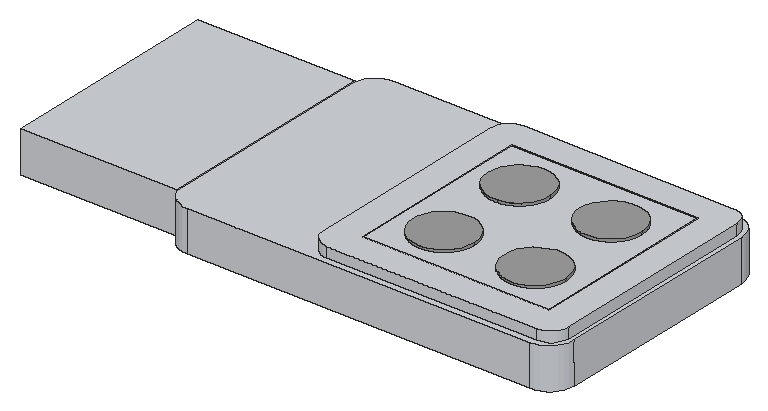
Revit family "Lighting-Industriale-GEWISS-SMART[4]HE_APPARECCHI-LED_EMERGENZA_1M", category Apparecchi per illuminazione, Revit 2019
Family settings
  Quota connettore circolare = Usa diametro
  Tipo di parte = Normale
  Numero OmniClass = 23.80.70.00
  Titolo OmniClass = Lighting
  Basato su piano di lavoro = Sì
  Sempre verticale = No
  Taglio con vuoti quando caricato = No
  Sorgente d'illuminazione = No
  Condiviso = No
  Punto di calcolo locali = No
Parameters (values of type "GWS4124AQ857 - SMART4LB 1M EMERG ELL.57K")
  Voltaggio = 230 V
  Viti esterne = "Acciaio inox"
  Versione file RFA = "20.11"
  Vano di alimentazione = "Integrato"
  URL = "https://www.gewiss.com/it/it"
  Tolleranza cromatica = "SDCM = 3"
  Tipologia sorgente luminosa = "LED - Non sostituibile"
  Tipo di installazione e montaggio = "Plafone - Sospensione"
  Tipo di apparecchio = "Riflettore industriale a LED&nbsp;"
  Tensione di alimentazione = "220 - 240 V"
  Temperatura di stoccaggio = "-40 +70 °C"
  Temperatura di esercizio = "0 ÷ +40 °C"
  Temperatura di colore = "5700K"
  Superficie massima esposta al vento : = "0,140 m²"
  Spostamento_Y_etichetta [instance] = 0 mm
  Spostamento_Y_effettivo_etichetta [instance] = 1500 mm - Spostamento_Y_etichetta  # 1500 mm
  Spostamento_X_etichetta [instance] = 0 mm
  Spostamento_X_effettivo_etichetta [instance] = 1500 mm - Spostamento_X_etichetta  # 1500 mm
  SostituibilitÃ  piastra di cablaggio = "Solo batteria NiMh"
  SostituibilitÃ  gruppo ottico = "Non sostituibile"
  Sistema di controllo = "1 x DALI DT6 + 1 x DALI DT1 (Emerg. 3h)"
  Schermo = "Vetro Temprato Spessore 4mm"
  Scheda Tecnica = "https://www.gewiss.com/it/it/search?q=GWS4124AQ857"
  Resistenza al filo incandescente = "850 °C"
  Resistenza agli urti = "IK08"
  Produttore = "GEWISS S.p.A."
  Vetro acceso = Lampada accesa
  Potenza assorbita : = "48 W (+5W Emerg.)"
  Peso (kg): = "5"
  Ottica = "Ellittica"
  Norma di riferimento = "EN 60598-2-22 ; EN 60598-1 ; EN 60598-2-24"
  Modello = "GWS4124AQ857"
  Materiali = "-"
  Lampada = "LED"
  Installazione e manutenzione = "-"
  Informazioni generali = "-"
  Indice di resa cromatica = "CRI-80"
  Inclinazione = "-"
  Immagine tipo = GWL1093E.jpg
  Trasformatore = none
  IPEA = "-"
  IFC.TypeObject = ""
  IFC.ExportType = ""
  IFC.ExportAs = ""
  IDT = "99cc2ba6225c472dbcbc7a8f8b209142"
  IDF = "76bf5428-5d64-4f01-bcc4-d24df6228e89"
  Guarnizioni = "tipo siliconico antinvecchiamento "
  Gruppo ottico = "Riflettore in PC metallizzato e lenti in PMMA"
  Grado di protezione = "IP65"
  Garanzia = "5 anni"
  Gancio di chiusura = "-"
  Frequenza nominale (Hz) = "50/60 Hz"
  Flusso luminoso apparecchio (lm) = "6300 (750 Emerg.)"
  Fissaggio = "-"
  Finitura colore = "Grigio RAL 7035"
  Efficienza luminosa (lm/W) = "119"
  Durata di vita = "L90B10 (Tq+25°C) = 100.000 h - L90B10 (Tq+50°C) = 50.000 h"
  Dispositivo di protezione = "DM 6 kV / CM 10 kV"
  Descrizione = "SMART[4]LB 1M EMERG ELL.57K"
  Spessore plafoniera = 40 mm  # constant formula
  Simbolo attivo [instance] = yes
  Raggio led = 30 mm  # constant formula
  Plafoniera = none
  Lunghezza = 383 mm  # constant formula
  Larghezza = 253 mm  # constant formula
  Fotometrico = "GWL1093E-CL11813-16I - EME.IES"
  Etichetta wattaggio [instance] = yes
  Distanza tot_plafoniera = 74 mm  # constant formula
  Dettaglio bidimensionale attivo [instance] = not(Simbolo attivo)  # no
  Default Elevation = 1219.2 mm
  Creato da GEWISS S.p.A. = ""
  Corpo = "PA6 “Halogen Free” caricato fibra vetro"
  Controllo abbagliamento e luminanza = "-"
  Contesto = "Illuminazione di logistiche e locali produttivi industriali"
  Colore = "Grigio RAL 7035"
  Codice digitale univoco (Datamatrix) = "Datamatrix"
  Codice Electrocod = "2444"
  Classificazione: = "-"
  Classificazione = Lighting
  Classe isolamento = "I"
  Classe fotobiologica = "RG0"
  Certificazioni e classificazioni = "-"
  Certificazione DIN 18032-3 = "-"
  Catalogo = "LIGHTING"
  Carico apparente = 53 VA
  Caratteristiche ottiche e illuminotecniche = "-"
  Caratteristiche elettriche e gestione della luce = "-"
  Cablaggio = "Con connettore stagno Gw connect"
  COBie.Tagnumber = ""
  COBie.CreatedOn = ""
  COBie.CreatebBy = ""
  COBie.ComponentRegisterItemID = ""
  COBie.Component.TagNumber = ""
  COBie.Component.Space = ""
  COBie.Component.SerialNumber = ""
  COBie.Component.InstallationDate = ""
  COBie.Component.Description = ""
  COBie.Component.BarCode = ""
  Batteria = none
  Applicazione = "Interno"
  Apparecchio a ridotta temperatura superficiale = "Si"
  Alimentatore = "Incluso"
Reference planes
  plane 1 "Centro (Fronte/Retro)": y = 0
  plane 2: z = 0
  plane 3 "Centro (Sinistra/Destra)": x = 0
  plane 4: x = -191.5
  plane 5: y = 126.5
  plane 6: x = 191.5
  plane 7: y = -126.5
  plane 8: z = -74
  plane 9: x = -175.5
  plane 10: y = -110.5
  plane 11: y = 110.5
  plane 12: x = -60.5
  plane 13: y = 121.5
  plane 14: x = 186.5
  plane 15: y = -120
  plane 16: z = 74
  plane 17: z = 86
  plane 18: x = -1500
  plane 19: y = -1500
  plane 20: x = 0
  plane 21: y = 0
Dimensions and locks
  equal spacing: plane 5, plane 1 "Centro (Fronte/Retro)", plane 7
  equal spacing: plane 4, plane 3 "Centro (Sinistra/Destra)", plane 6
  "Lunghezza": plane 4 to plane 6
  "Larghezza": plane 5 to plane 7
  locked: plane 14 to plane 6 at 5
  locked: plane 5 to plane 13 at 5
  nested 3 to plane 8 = 133.058 mm
  locked: plane 4 to plane 9 at 16
  "Distanza tot_plafoniera": plane 16 to plane 2
  locked: plane 17 to plane 16 at 12
  plane 18 to plane 3 "Centro (Sinistra/Destra)" = 1500 mm
  plane 1 "Centro (Fronte/Retro)" to plane 19 = 1500 mm
  "Spostamento_Y_effettivo_etichetta": plane 21 to plane 19
  "Spostamento_X_effettivo_etichetta": plane 18 to plane 20
  aligned and locked: level to plane 2
  aligned and locked: plane 4 to nested 1
  aligned and locked: plane 6 to nested 1
  aligned and locked: plane 5 to nested 1
  aligned and locked: plane 7 to nested 1
  aligned and locked: plane 14 to nested 2
  aligned and locked: nested 8 to plane 6
  aligned and locked: plane 4 to nested 9
  aligned and locked: plane 1 "Centro (Fronte/Retro)" to nested 11
  aligned and locked: nested 3 to plane 2
  aligned and locked: plane 16 to nested 1
  aligned and locked: plane 16 to nested 9
  aligned and locked: nested 2 to plane 16
  aligned and locked: plane 17 to nested 6
  aligned and locked: nested 4 to plane 17
  aligned and locked: nested 7 to plane 17
  aligned and locked: plane 17 to nested 5
  aligned and locked: plane 1 "Centro (Fronte/Retro)" to nested 8
  aligned and locked: plane 1 "Centro (Fronte/Retro)" to nested 2
  aligned and locked: plane 20 to nested 10
  aligned and locked: nested 10 to plane 21
Nested families
  nested 1: "Struttura_SMART[4] LB - 2+2 L" at (0, 0, 74), type "SMART Lab (4) 4L"
  nested 2: "mascherina_SMART (4)" at (66.5, 0, 84), type "Maschera_smart (4) 4L", detail levels medium+fine
  nested 3: "Staffa SMART LAB 4" at (65, -20, 59.058) x (0, 1, 0) z (0, 0, -1), type "Staffa SMART LAB 4"
  nested 4: "Gewis - Led" at (20.25, 44.75, 86), type "Gewis - Led", detail levels fine
  nested 5: "Gewis - Led" at (109.75, 44.75, 86) x (-1, 0, 0) z (0, 0, 1), type "Gewis - Led", detail levels fine
  nested 6: "Gewis - Led" at (20.25, -47.75, 86), type "Gewis - Led", detail levels fine
  nested 7: "Gewis - Led" at (109.75, -47.75, 86) x (-1, 0, 0) z (0, 0, 1), type "Gewis - Led", detail levels fine
  nested 8: "Rappr_ bidimensionale_SMART4_4L EM_2" at (9.751, 0, 0), visible <- "Dettaglio bidimensionale attivo", type "4 LED"
  nested 9: "Batteria_SMART4 LB" at (-191.5, -94.011, 34), type "Batteria_SMART4 LB"
    with SPessore batteria 40 mm, La_Batteria 217.019 mm, L_batteria 152.912 mm
  nested 10: "ETICHETTA LIGHT" at (0, 0, 0), visible <- "Etichetta wattaggio", type "ETICHETTA LIGHT"
  nested 11: "PROIETTSMART " at (-27.098, 0, 0), visible <- "Simbolo attivo", type "PROIETTSMART "
Connectors
  electrical at (0.009, -0.098, 34), driven by "Voltaggio", driven by "Carico apparente", driven by "Classificazione"
    settings: on nested 1, index 1, voltage 230 V, apparent load 0 VA, apparent load phase1 53 VA, apparent load phase2 0 VA, apparent load phase3 0 VA, power factor 1, load classification "Lighting", number of poles 1, system type 31, power factor state 1, is connector primary yes, connector utility no, sub classification motor no, connector description ""
Definition of nested family "Struttura_SMART[4] LB - 2+2 L"
  Parameters (values of type "SMART Lab (4) 4L")
    Struttura plafoniera = none
    Spessore_plafoniera = 40 mm
    Lunghezza = 383 mm
    Larghezza = 253 mm
  Reference planes
    plane 1 "Asse sorgente illuminazione (F/B)": y = 0
    plane 2: z = 0
    plane 3 "Asse sorgente illuminazione (L/R)": x = 0
    plane 4 "Prospetto sorgente di illuminazione": z = -40
    plane 5 "SX": x = -191.5
    plane 6 "DX": x = 191.5
    plane 7 "DIETRO": y = 126.5
    plane 8 "AVANTI": y = -126.5
    plane 9: x = -51.5
    plane 10: x = 180.5
    plane 11: y = -115.5
    plane 12: y = 115.5
    plane 13: x = -180.5
    plane 14: x = 51.5
  Forms (mm)
    Extrusion 1, solid, material <- "Struttura plafoniera"
      sketch origin (0, 0, 0) x (1, 0, 0) y (0, 1, 0)
        loop
          line (191.5, -102.095) -> (191.5, 102.09)
          arc (191.5, 102.09) -> (184.35, 119.35) -> (167.09, 126.5) r 24.41
          line (167.09, 126.5) -> (-167.009, 126.5)
          arc (-167.009, 126.5) -> (-184.554, 119.1) -> (-191.5, 101.371) r 24.499
          line (-191.5, 101.371) -> (-191.5, -102.092)
          arc (-191.5, -102.092) -> (-184.351, -119.351) -> (-167.092, -126.5) r 24.408
          line (-167.092, -126.5) -> (167.117, -126.5)
          arc (167.117, -126.5) -> (184.334, -119.368) -> (191.465, -102.152) r 24.348
      from -40 to 0
  Dimensions and locks
    equal spacing: plane 5 "SX", plane 3 "Asse sorgente illuminazione (L/R)", plane 6 "DX"
    equal spacing: plane 7 "DIETRO", plane 1 "Asse sorgente illuminazione (F/B)", plane 8 "AVANTI"
    "Lunghezza": plane 5 "SX" to plane 6 "DX"
    "Larghezza": plane 7 "DIETRO" to plane 8 "AVANTI"
    locked: plane 7 "DIETRO" to plane 12 at 11
    locked: plane 11 to plane 8 "AVANTI" at 11
    locked: plane 10 to plane 6 "DX" at 11
    locked: plane 9 to plane 10 at 232
    plane 13 to plane 14 = 232 mm
    locked: plane 5 "SX" to plane 13 at 11
    "Spessore_plafoniera": plane 2 to plane 4 "Prospetto sorgente di illuminazione"
    aligned and locked: level to plane 2
    aligned and locked: Extrusion 1 to plane 5 "SX"
    aligned and locked: Extrusion 1 to plane 8 "AVANTI"  (x2)
    aligned and locked: plane 7 "DIETRO" to Extrusion 1
    aligned and locked: plane 6 "DX" to Extrusion 1
    aligned and locked: plane 4 "Prospetto sorgente di illuminazione" to Extrusion 1
    aligned and locked: plane 2 to Extrusion 1
  Automatic sketch dimensions
    Extrusion 1 sketch curve to plane 5 "SX" = 0 mm
    Extrusion 1 sketch curve to plane 8 "AVANTI" = 0 mm
    Extrusion 1 sketch curve to plane 7 "DIETRO" = 0 mm
    Extrusion 1 sketch curve to plane 6 "DX" = 0 mm
    plane 13 to Extrusion 1 sketch curve = 13.408 mm
    plane 13 to Extrusion 1 sketch curve = 13.491 mm
    Extrusion 1 sketch curve to plane 10 = 13.41 mm
    Extrusion 1 sketch curve to plane 10 = 13.383 mm
    plane 11 to Extrusion 1 sketch curve = 13.348 mm
    Extrusion 1 sketch curve to plane 12 = 14.129 mm
    Extrusion 1 sketch curve to Extrusion 1 sketch curve = 0.056 mm
Definition of nested family "mascherina_SMART (4)"
  Parameters (values of type "Maschera_smart (4) 4L")
    Spessore_mascherina = 10 mm
    Default Elevation = 1219.2 mm
    N.intarsi = (Lunghezza_mascherina - (Bordo * 2)) / 15 mm  # 12
    N._intarsi verticale = (Larghezza_mascherina - (Bordo * 2)) / 17 mm  # 11
    Mascherina = none
    Lunghezza_mascherina = 240 mm
    Larghezza_mascherina = 240 mm
    Distanza_intarsi v. = 41 mm  # constant formula
    Distanza_intarsi = 37 mm  # constant formula
    Bordo = 29 mm
  Reference planes
    plane 1 "Centro (Fronte/Retro)": y = 0
    plane 2: z = 0
    plane 3 "Centro (Sinistra/Destra)": x = 0
    plane 4: x = -120
    plane 5 "Dietro": y = 120
    plane 6: x = 120
    plane 7: y = -120
    plane 8: x = -91
    plane 9: y = -91
    plane 10: x = 91
    plane 11: y = 91
    plane 12: x = -83
    plane 13: y = 94.742
    plane 14: y = -95
    plane 15: z = -10
    plane 16: x = -95
    plane 17: y = 79
    plane 18: y = -79
    plane 19: x = 95
    plane 20: z = -4.799
  Forms (mm)
    Extrusion 1, solid, material <- "Mascherina"
      sketch origin (0, 0, 0) x (1, 0, 0) y (0, 1, 0)
        loop
          arc (-102.5, 120) -> (-114.874, 114.874) -> (-120, 102.5) r 17.5
          line (-120, 102.5) -> (-120, -102.5)
          arc (-120, -102.5) -> (-114.874, -114.874) -> (-102.5, -120) r 17.5
          line (-102.5, -120) -> (102.5, -120)
          arc (102.5, -120) -> (114.874, -114.874) -> (120, -102.5) r 17.5
          line (120, -102.5) -> (120, 102.5)
          arc (120, 102.5) -> (114.874, 114.874) -> (102.5, 120) r 17.5
          line (102.5, 120) -> (-102.5, 120)
        loop
          line (-91, 91) -> (-91, -91) -> (91, -91) -> (91, 91) -> (-91, 91)
      from -10 to 0
    Extrusion 2, solid, material <- "Mascherina"
      sketch origin (0, 0, 0) x (1, 0, 0) y (0, 1, 0)
        loop
          line (-91, 91) -> (-91, -91) -> (91, -91) -> (91, 91) -> (-91, 91)
      from -4.799 to 0
  Dimensions and locks
    equal spacing: plane 4, plane 3 "Centro (Sinistra/Destra)", plane 6
    "Lunghezza_mascherina": plane 4 to plane 6
    equal spacing: plane 5 "Dietro", plane 1 "Centro (Fronte/Retro)", plane 7
    "Larghezza_mascherina": plane 5 "Dietro" to plane 7
    "Bordo": plane 4 to plane 8
    "Bordo": plane 9 to plane 7
    "Bordo": plane 5 "Dietro" to plane 11
    "Bordo": plane 10 to plane 6
    "Distanza_intarsi": plane 4 to plane 12
    locked: plane 13 to plane 11 at 3.742
    "Spessore_mascherina": plane 2 to plane 15
    "Distanza_intarsi v.": plane 5 "Dietro" to plane 17
    "Distanza_intarsi v.": plane 18 to plane 7
    locked: plane 9 to plane 14 at 4
    locked: plane 16 to plane 8 at 4
    locked: plane 10 to plane 19 at 4
    locked: plane 2 to plane 20 at 4.799
    radius of Extrusion 1 sketch curve = 17.5 mm  (x4)
    aligned and locked: level to plane 2
    aligned and locked: plane 4 to Extrusion 1 sketch curve
    aligned and locked: plane 6 to Extrusion 1 sketch curve
    aligned and locked: Extrusion 1 sketch curve to plane 5 "Dietro"
    aligned and locked: Extrusion 1 sketch curve to plane 7
    aligned and locked: Extrusion 1 sketch curve to plane 11
    aligned and locked: plane 8 to Extrusion 1 sketch curve
    aligned and locked: plane 9 to Extrusion 1 sketch curve
    aligned and locked: Extrusion 1 sketch curve to plane 10
    aligned and locked: plane 2 to Extrusion 1
    aligned and locked: Extrusion 1 to plane 15
    aligned and locked: Extrusion 2 sketch curve to plane 10
    aligned and locked: plane 9 to Extrusion 2 sketch curve
    aligned and locked: plane 8 to Extrusion 2 sketch curve
    aligned and locked: Extrusion 2 sketch curve to plane 11
    aligned and locked: plane 2 to Extrusion 2
    aligned and locked: Extrusion 2 to plane 20
Definition of nested family "Staffa SMART LAB 4"
  Parameters (values of type "Staffa SMART LAB 4")
    Staffa = none
    Default Elevation = 1219.2 mm
  Reference planes
    plane 1 "Centro (Fronte/Retro)": y = 0
    plane 2: z = 0
    plane 3 "Centro (Sinistra/Destra)": x = 0
    plane 4: y = 25
    plane 5: y = -25
    plane 6: x = -480
    plane 7: x = 480
    plane 8: z = 340
  Forms (mm)
    Extrusion 1, solid, material <- "Staffa"
      sketch origin (-19.427, 0, 0) x (1, 0, 0) y (0, 0, 1)
        loop
          line (-52.112, 0) -> (-51.312, 0) -> (-51.312, 5.038) -> (-51.312, 7.679) -> (-48.064, 11.553) -> (-48.309, 20.832)
          arc (-48.309, 20.832) -> (-48.108, 21.384) -> (-47.585, 21.651) r 0.801
          line (-47.585, 21.651) -> (-46.541, 21.744)
          arc (-46.541, 21.744) -> (-45.388, 22.346) -> (-44.998, 23.587) r 1.701
          line (-44.998, 23.587) -> (-45.225, 26.168) -> (-47.881, 28.39) -> (-47.881, 32.971) -> (-23.475, 58.058) -> (62.329, 58.058) -> (86.735, 32.971) -> (86.735, 28.39) -> (84.08, 26.168) -> (83.852, 23.587)
          arc (83.852, 23.587) -> (84.243, 22.346) -> (85.396, 21.744) r 1.701
          line (85.396, 21.744) -> (86.439, 21.651)
          arc (86.439, 21.651) -> (86.963, 21.384) -> (87.163, 20.832) r 0.801
          line (87.163, 20.832) -> (86.919, 11.553) -> (90.167, 7.679) -> (90.167, 5.038) -> (90.167, 0) -> (90.967, 0) -> (90.967, 5.038) -> (90.967, 7.979) -> (87.921, 11.618) -> (88.163, 20.806)
          arc (88.163, 20.806) -> (87.71, 22.048) -> (86.531, 22.647) r 1.801
          line (86.531, 22.647) -> (85.484, 22.74)
          arc (85.484, 22.74) -> (85.009, 22.988) -> (84.849, 23.499) r 0.701
          line (84.849, 23.499) -> (85.039, 25.667) -> (87.735, 27.923) -> (87.735, 32.876) -> (86.947, 34.187) -> (62.751, 59.058) -> (-23.897, 59.058) -> (-48.093, 34.187) -> (-48.881, 32.876) -> (-48.881, 27.923) -> (-46.185, 25.667) -> (-45.994, 23.499)
          arc (-45.994, 23.499) -> (-46.155, 22.988) -> (-46.63, 22.74) r 0.701
          line (-46.63, 22.74) -> (-47.676, 22.647)
          arc (-47.676, 22.647) -> (-48.856, 22.048) -> (-49.308, 20.806) r 1.801
          line (-49.308, 20.806) -> (-49.066, 11.618) -> (-52.112, 7.979) -> (-52.112, 5.038) -> (-52.112, 0)
      from -25 to 25
  Dimensions and locks
    equal spacing: plane 6, plane 3 "Centro (Sinistra/Destra)", plane 7
    equal spacing: plane 4, plane 1 "Centro (Fronte/Retro)", plane 5
    plane 4 to plane 5 = 50 mm
    plane 6 to plane 7 = 960 mm
    aligned and locked: level to plane 2
    aligned and locked: plane 4 to Extrusion 1
    aligned and locked: Extrusion 1 to plane 5
  Automatic sketch dimensions
    Extrusion 1 sketch curve to Extrusion 1 sketch curve = 0 mm  (x10)
    Extrusion 1 sketch curve to level = 0 mm  (x2)
    level to Extrusion 1 sketch curve = 5.038 mm
    Extrusion 1 sketch curve to plane 3 "Centro (Sinistra/Destra)" = 71.54 mm
    Extrusion 1 sketch curve to Extrusion 1 sketch curve = 0.8 mm  (x2)
    level to Extrusion 1 sketch curve = 20.806 mm  (x2)
    Extrusion 1 sketch curve to Extrusion 1 sketch curve = 2.804 mm
    level to Extrusion 1 sketch curve = 11.618 mm  (x2)
    Extrusion 1 sketch curve to Extrusion 1 sketch curve = 2.246 mm  (x2)
    Extrusion 1 sketch curve to Extrusion 1 sketch curve = 0.428 mm
    level to Extrusion 1 sketch curve = 20.832 mm  (x2)
    Extrusion 1 sketch curve to Extrusion 1 sketch curve = 1 mm  (x4)
    Extrusion 1 sketch curve to Extrusion 1 sketch curve = 0.788 mm
    level to Extrusion 1 sketch curve = 11.553 mm  (x2)
    Extrusion 1 sketch curve to Extrusion 1 sketch curve = 1.002 mm  (x2)
    level to Extrusion 1 sketch curve = 22.647 mm  (x2)
    Extrusion 1 sketch curve to Extrusion 1 sketch curve = 0.632 mm
    level to Extrusion 1 sketch curve = 21.651 mm  (x2)
    Extrusion 1 sketch curve to Extrusion 1 sketch curve = 0.092 mm  (x2)
    Extrusion 1 sketch curve to Extrusion 1 sketch curve = 0.984 mm
    level to Extrusion 1 sketch curve = 22.74 mm  (x2)
    Extrusion 1 sketch curve to Extrusion 1 sketch curve = 0.062 mm
    level to Extrusion 1 sketch curve = 21.744 mm  (x2)
    Extrusion 1 sketch curve to Extrusion 1 sketch curve = 0.088 mm
    Extrusion 1 sketch curve to Extrusion 1 sketch curve = 0.507 mm
    level to Extrusion 1 sketch curve = 23.499 mm  (x2)
    Extrusion 1 sketch curve to Extrusion 1 sketch curve = 0.698 mm  (x2)
    Extrusion 1 sketch curve to Extrusion 1 sketch curve = 0.96 mm  (x2)
    level to Extrusion 1 sketch curve = 23.587 mm  (x2)
    Extrusion 1 sketch curve to plane 3 "Centro (Sinistra/Destra)" = 43.324 mm
    Extrusion 1 sketch curve to Extrusion 1 sketch curve = 0.422 mm  (x2)
    plane 3 "Centro (Sinistra/Destra)" to Extrusion 1 sketch curve = 42.902 mm
    Extrusion 1 sketch curve to Extrusion 1 sketch curve = 21.523 mm
    level to Extrusion 1 sketch curve = 26.168 mm
    Extrusion 1 sketch curve to Extrusion 1 sketch curve = 0.227 mm
    Extrusion 1 sketch curve to Extrusion 1 sketch curve = 0.996 mm
    level to Extrusion 1 sketch curve = 25.667 mm
    Extrusion 1 sketch curve to Extrusion 1 sketch curve = 0.548 mm
    Extrusion 1 sketch curve to Extrusion 1 sketch curve = 0.966 mm
    Extrusion 1 sketch curve to Extrusion 1 sketch curve = 0.077 mm
    level to Extrusion 1 sketch curve = 28.39 mm
    Extrusion 1 sketch curve to Extrusion 1 sketch curve = 1.696 mm
    Extrusion 1 sketch curve to Extrusion 1 sketch curve = 0.557 mm
    level to Extrusion 1 sketch curve = 34.187 mm
    Extrusion 1 sketch curve to Extrusion 1 sketch curve = 0.212 mm
    Extrusion 1 sketch curve to Extrusion 1 sketch curve = 0.801 mm
    level to Extrusion 1 sketch curve = 7.679 mm
    Extrusion 1 sketch curve to Extrusion 1 sketch curve = 2.641 mm  (x2)
    Extrusion 1 sketch curve to Extrusion 1 sketch curve = 0.3 mm  (x2)
    Extrusion 1 sketch curve to Extrusion 1 sketch curve = 2.168 mm
    Extrusion 1 sketch curve to Extrusion 1 sketch curve = 0.501 mm
    Extrusion 1 sketch curve to Extrusion 1 sketch curve = 0.467 mm  (x2)
    Extrusion 1 sketch curve to Extrusion 1 sketch curve = 2.256 mm
    Extrusion 1 sketch curve to Extrusion 1 sketch curve = 4.486 mm
    Extrusion 1 sketch curve to Extrusion 1 sketch curve = 1.311 mm
    Extrusion 1 sketch curve to Extrusion 1 sketch curve = 0.095 mm  (x2)
    Extrusion 1 sketch curve to Extrusion 1 sketch curve = 1.216 mm
    Extrusion 1 sketch curve to Extrusion 1 sketch curve = 23.87 mm
Definition of nested family "Gewis - Led"
  Parameters (values of type "Gewis - Led")
    Vetro = none
    Raggio led = 30 mm
    Default Elevation = 1219.2 mm
    Estensione vetro = 3 mm
  Reference planes
    plane 1 "Centro (Fronte/Retro)": y = 0
    plane 2: z = 0
    plane 3 "Centro (Sinistra/Destra)": x = 0
  Forms (mm)
    Extrusion 1, solid, material <- "Vetro"
      sketch origin (0, 0, 0) x (1, 0, 0) y (0, 1, 0)
        loop
          circle (0, 0) r 30
      from -3 to 0
  Dimensions and locks
    "Estensione vetro": level to Extrusion 1
    "Raggio led": radius of Extrusion 1 sketch curve
    aligned and locked: level to plane 2
    aligned and locked: level to Extrusion 1
  Automatic sketch dimensions
    plane 1 "Centro (Fronte/Retro)" to Extrusion 1 sketch curve = 0 mm
    Extrusion 1 sketch curve to plane 3 "Centro (Sinistra/Destra)" = 0 mm
Definition of nested family "Batteria_SMART4 LB"
  Parameters (values of type "Batteria_SMART4 LB")
    SPessore batteria [instance] = 40 mm
    La_Batteria [instance] = 253 mm
    L_batteria [instance] = 445.629 mm
    Batteria = none
  Reference planes
    plane 1 "Asse sorgente illuminazione (F/B)": y = 0
    plane 2: z = 0
    plane 3 "Asse sorgente illuminazione (L/R)": x = 0
    plane 4 "Prospetto sorgente di illuminazione": z = 1500
    plane 5: x = -445.629
    plane 6: y = 201.838
    plane 7: y = -51.162
    plane 8: z = 40
  Forms (mm)
    Extrusion 1, solid, material <- "Batteria"
      sketch origin (0, 0, 0) x (1, 0, 0) y (0, 1, 0)
        loop
          line (-445.629, 201.838) -> (-445.629, -51.162) -> (0, -51.162) -> (0, 201.838) -> (-445.629, 201.838)
      from 0 to 40
  Dimensions and locks
    "L_batteria": plane 5 to plane 3 "Asse sorgente illuminazione (L/R)"
    plane 6 to plane 1 "Asse sorgente illuminazione (F/B)" to plane 7 = 201.838 mm, 51.162 mm
    "La_Batteria": plane 6 to plane 7
    "SPessore batteria": plane 8 to plane 2
    aligned and locked: level to plane 2
    aligned and locked: Extrusion 1 sketch curve to plane 6
    aligned and locked: plane 5 to Extrusion 1 sketch curve
    aligned and locked: plane 7 to Extrusion 1 sketch curve
    aligned and locked: Extrusion 1 sketch curve to plane 3 "Asse sorgente illuminazione (L/R)"
    aligned and locked: plane 8 to Extrusion 1
Definition of nested family "Rappr_ bidimensionale_SMART4_4L EM_2"
  Parameters (values of type "4 LED")
    5 LED = no
    4 LED = not([5 LED])  # yes
  Reference planes
    plane 1 "Centro (Fronte/Retro)": y = 0
    plane 2: z = 0
    plane 3 "Centro (Sinistra/Destra)": x = 0
  Lines and regions (mm)
    model lines, in view "Livello rif.", visible <- "5 LED"
      curve 1: circle (8.459, 48.062, 0) r 28.619 normal (0, 0, 1)
      curve 2: circle (102.459, -45.938, 0) r 28.619 normal (0, 0, 1)
      curve 3: circle (8.459, -45.938, 0) r 28.619 normal (0, 0, 1)
      curve 4: circle (102.459, 48.062, 0) r 28.619 normal (0, 0, 1)
    model lines, in view "Livello rif."
      curve 5: arc (-64.041, -103.004, 0) -> (-59.501, -113.964, 0) -> (-48.541, -118.504, 0) r 15.5
      curve 6: arc (174.959, 104.996, 0) -> (170.419, 115.956, 0) -> (159.459, 120.496, 0) r 15.5
      curve 7: arc (-48.541, 120.496, 0) -> (-59.501, 115.956, 0) -> (-64.041, 104.996, 0) r 15.5
      curve 8: arc (159.459, -118.504, 0) -> (170.419, -113.964, 0) -> (174.959, -103.004, 0) r 15.5
      curve 9: arc (181.749, 104.996, 0) -> (175.223, 120.753, 0) -> (159.468, 127.285, 0) r 22.29
      curve 10: arc (159.471, -125.294, 0) -> (175.224, -118.761, 0) -> (181.749, -103.004, 0) r 22.29
      curve 11: arc (-201.331, -106.996, 0) -> (-195.973, -119.938, 0) -> (-183.031, -125.294, 0) r 18.29
      curve 12: arc (-183.05, 127.285, 0) -> (-195.974, 121.928, 0) -> (-201.331, 109.004, 0) r 18.29
      curve 13: line (-37.041, 93.496, 0) -> (147.959, 93.496, 0)
      curve 14: line (147.959, 93.496, 0) -> (147.959, -91.504, 0)
      curve 15: line (147.959, -91.504, 0) -> (-37.041, -91.504, 0)
      curve 16: line (-37.041, -91.504, 0) -> (-37.041, 93.496, 0)
      curve 17: line (-48.541, -118.504, 0) -> (159.459, -118.504, 0)
      curve 18: line (-48.541, 120.496, 0) -> (159.459, 120.496, 0)
      curve 19: line (-64.041, 104.996, 0) -> (-64.041, -103.004, 0)
      curve 20: line (174.959, 104.996, 0) -> (174.959, -103.004, 0)
      curve 21: line (-183.05, 127.285, 0) -> (159.468, 127.285, 0)
      curve 22: line (181.749, 104.996, 0) -> (181.749, -103.004, 0)
      curve 23: line (159.471, -125.294, 0) -> (-183.031, -125.294, 0)
      curve 24: line (-201.331, -106.996, 0) -> (-201.331, 109.004, 0)
    detail lines, in view "Livello rif.", not visible, detail levels fine
      curve 25: spline (-38.805, -92.663, 0) -> (-38.789, -92.926, 0) -> (-38.739, -93.185, 0) -> (-38.655, -93.434, 0) -> (-38.539, -93.67, 0) -> (-38.393, -93.89, 0) -> (-38.22, -94.088, 0) -> (-38.022, -94.261, 0) -> (-37.803, -94.407, 0) -> (-37.566, -94.523, 0) -> (-37.317, -94.607, 0) -> (-37.059, -94.657, 0) -> (-36.796, -94.673, 0)
      curve 26: spline (-36.799, 93.856, 0) -> (-37.062, 93.839, 0) -> (-37.32, 93.789, 0) -> (-37.569, 93.704, 0) -> (-37.805, 93.588, 0) -> (-38.024, 93.442, 0) -> (-38.221, 93.269, 0) -> (-38.394, 93.071, 0) -> (-38.54, 92.852, 0) -> (-38.656, 92.616, 0) -> (-38.739, 92.367, 0) -> (-38.789, 92.109, 0) -> (-38.805, 91.846, 0)
      curve 27: arc (147.719, -94.673, 0) -> (149.136, -94.089, 0) -> (149.723, -92.674, 0) r 1.999
      curve 28: spline (149.723, 91.856, 0) -> (149.706, 92.118, 0) -> (149.655, 92.375, 0) -> (149.57, 92.623, 0) -> (149.454, 92.858, 0) -> (149.308, 93.076, 0) -> (149.135, 93.273, 0) -> (148.938, 93.445, 0) -> (148.72, 93.59, 0) -> (148.484, 93.705, 0) -> (148.236, 93.789, 0) -> (147.979, 93.839, 0) -> (147.717, 93.856, 0)
      curve 29: arc (129.979, -106.197, 0) -> (129.984, -106.303, 0) -> (129.998, -106.409, 0) r 1.185
      curve 30: arc (131.176, -94.429, 0) -> (130.33, -94.776, 0) -> (129.979, -95.62, 0) r 1.192
      curve 31: arc (140.439, -95.626, 0) -> (140.092, -94.78, 0) -> (139.247, -94.429, 0) r 1.192
      curve 32: arc (140.42, -106.409, 0) -> (140.435, -106.3, 0) -> (140.439, -106.19, 0) r 1.186
      curve 33: arc (115.479, -106.197, 0) -> (115.484, -106.303, 0) -> (115.498, -106.409, 0) r 1.185
      curve 34: arc (116.676, -94.429, 0) -> (115.83, -94.776, 0) -> (115.479, -95.62, 0) r 1.192
      curve 35: arc (125.939, -95.626, 0) -> (125.592, -94.78, 0) -> (124.747, -94.429, 0) r 1.192
      curve 36: arc (125.92, -106.409, 0) -> (125.935, -106.3, 0) -> (125.939, -106.19, 0) r 1.186
      curve 37: arc (100.979, -106.197, 0) -> (100.984, -106.303, 0) -> (100.998, -106.409, 0) r 1.185
      curve 38: arc (102.176, -94.429, 0) -> (101.33, -94.776, 0) -> (100.979, -95.62, 0) r 1.192
      curve 39: arc (111.439, -95.626, 0) -> (111.092, -94.78, 0) -> (110.247, -94.429, 0) r 1.192
      curve 40: arc (111.42, -106.409, 0) -> (111.435, -106.3, 0) -> (111.439, -106.19, 0) r 1.186
      curve 41: arc (86.479, -106.19, 0) -> (86.483, -106.3, 0) -> (86.498, -106.409, 0) r 1.185
      curve 42: arc (87.676, -94.429, 0) -> (86.828, -94.778, 0) -> (86.479, -95.626, 0) r 1.192
      curve 43: arc (96.939, -95.626, 0) -> (96.592, -94.78, 0) -> (95.747, -94.429, 0) r 1.192
      curve 44: arc (96.92, -106.409, 0) -> (96.935, -106.3, 0) -> (96.939, -106.19, 0) r 1.186
      curve 45: arc (71.979, -106.19, 0) -> (71.983, -106.3, 0) -> (71.998, -106.409, 0) r 1.185
      curve 46: arc (73.176, -94.429, 0) -> (72.328, -94.778, 0) -> (71.979, -95.626, 0) r 1.192
      curve 47: arc (82.439, -95.626, 0) -> (82.092, -94.78, 0) -> (81.247, -94.429, 0) r 1.192
      curve 48: arc (82.42, -106.409, 0) -> (82.435, -106.3, 0) -> (82.439, -106.19, 0) r 1.186
      curve 49: arc (57.479, -106.19, 0) -> (57.483, -106.3, 0) -> (57.498, -106.409, 0) r 1.185
      curve 50: arc (58.676, -94.429, 0) -> (57.828, -94.778, 0) -> (57.479, -95.626, 0) r 1.192
      curve 51: arc (67.939, -95.626, 0) -> (67.592, -94.78, 0) -> (66.747, -94.429, 0) r 1.192
      curve 52: arc (67.92, -106.409, 0) -> (67.935, -106.3, 0) -> (67.939, -106.19, 0) r 1.186
      curve 53: arc (53.42, -106.409, 0) -> (53.435, -106.3, 0) -> (53.439, -106.19, 0) r 1.185
      curve 54: arc (42.979, -106.19, 0) -> (42.983, -106.3, 0) -> (42.998, -106.409, 0) r 1.186
      curve 55: arc (44.171, -94.429, 0) -> (43.326, -94.78, 0) -> (42.979, -95.626, 0) r 1.192
      curve 56: arc (53.439, -95.626, 0) -> (53.09, -94.778, 0) -> (52.242, -94.429, 0) r 1.192
      curve 57: arc (28.479, -106.19, 0) -> (28.483, -106.3, 0) -> (28.498, -106.409, 0) r 1.186
      curve 58: arc (29.671, -94.429, 0) -> (28.826, -94.78, 0) -> (28.479, -95.626, 0) r 1.192
      curve 59: arc (38.939, -95.626, 0) -> (38.59, -94.778, 0) -> (37.742, -94.429, 0) r 1.192
      curve 60: arc (38.92, -106.409, 0) -> (38.935, -106.3, 0) -> (38.939, -106.19, 0) r 1.185
      curve 61: arc (13.979, -106.19, 0) -> (13.983, -106.3, 0) -> (13.998, -106.409, 0) r 1.186
      curve 62: arc (15.171, -94.429, 0) -> (14.326, -94.78, 0) -> (13.979, -95.626, 0) r 1.192
      curve 63: arc (24.439, -95.62, 0) -> (24.088, -94.776, 0) -> (23.242, -94.429, 0) r 1.192
      curve 64: arc (24.42, -106.409, 0) -> (24.434, -106.303, 0) -> (24.439, -106.197, 0) r 1.185
      curve 65: arc (-0.521, -106.19, 0) -> (-0.517, -106.3, 0) -> (-0.502, -106.409, 0) r 1.186
      curve 66: arc (0.671, -94.429, 0) -> (-0.174, -94.78, 0) -> (-0.521, -95.626, 0) r 1.192
      curve 67: arc (9.939, -95.62, 0) -> (9.588, -94.776, 0) -> (8.742, -94.429, 0) r 1.192
      curve 68: arc (9.92, -106.409, 0) -> (9.934, -106.303, 0) -> (9.939, -106.197, 0) r 1.185
      curve 69: arc (-15.021, -106.19, 0) -> (-15.017, -106.3, 0) -> (-15.002, -106.409, 0) r 1.186
      curve 70: arc (-13.829, -94.429, 0) -> (-14.674, -94.78, 0) -> (-15.021, -95.626, 0) r 1.192
      curve 71: arc (-4.561, -95.62, 0) -> (-4.912, -94.776, 0) -> (-5.758, -94.429, 0) r 1.192
      curve 72: arc (-4.58, -106.409, 0) -> (-4.566, -106.303, 0) -> (-4.561, -106.197, 0) r 1.185
      curve 73: arc (-19.08, -106.409, 0) -> (-19.066, -106.303, 0) -> (-19.061, -106.197, 0) r 1.185
      curve 74: arc (-29.521, -106.19, 0) -> (-29.517, -106.3, 0) -> (-29.502, -106.409, 0) r 1.186
      curve 75: arc (-28.329, -94.429, 0) -> (-29.174, -94.78, 0) -> (-29.521, -95.626, 0) r 1.192
      curve 76: arc (-19.061, -95.62, 0) -> (-19.412, -94.776, 0) -> (-20.258, -94.429, 0) r 1.192
      curve 77: arc (-50.329, -74.929, 0) -> (-50.436, -74.933, 0) -> (-50.541, -74.948, 0) r 1.186
      curve 78: arc (-38.561, -76.12, 0) -> (-38.91, -75.278, 0) -> (-39.753, -74.929, 0) r 1.192
      curve 79: arc (-39.753, -85.389, 0) -> (-38.91, -85.04, 0) -> (-38.561, -84.197, 0) r 1.192
      curve 80: arc (-50.541, -85.37, 0) -> (-50.436, -85.384, 0) -> (-50.329, -85.389, 0) r 1.185
      curve 81: arc (-50.329, -60.429, 0) -> (-50.436, -60.433, 0) -> (-50.541, -60.448, 0) r 1.186
      curve 82: arc (-38.561, -61.62, 0) -> (-38.91, -60.778, 0) -> (-39.753, -60.429, 0) r 1.192
      curve 83: arc (-39.753, -70.889, 0) -> (-38.91, -70.54, 0) -> (-38.561, -69.697, 0) r 1.192
      curve 84: arc (-50.541, -70.87, 0) -> (-50.436, -70.884, 0) -> (-50.329, -70.889, 0) r 1.185
      curve 85: arc (-50.329, -45.929, 0) -> (-50.436, -45.933, 0) -> (-50.541, -45.948, 0) r 1.186
      curve 86: arc (-38.561, -47.12, 0) -> (-38.91, -46.278, 0) -> (-39.753, -45.929, 0) r 1.192
      curve 87: arc (-39.753, -56.389, 0) -> (-38.91, -56.04, 0) -> (-38.561, -55.197, 0) r 1.192
      curve 88: arc (-50.541, -56.37, 0) -> (-50.436, -56.384, 0) -> (-50.329, -56.389, 0) r 1.185
      curve 89: arc (-50.329, -31.429, 0) -> (-50.436, -31.433, 0) -> (-50.541, -31.448, 0) r 1.186
      curve 90: arc (-38.561, -32.62, 0) -> (-38.91, -31.778, 0) -> (-39.753, -31.429, 0) r 1.192
      curve 91: arc (-39.753, -41.889, 0) -> (-38.91, -41.54, 0) -> (-38.561, -40.697, 0) r 1.192
      curve 92: arc (-50.541, -41.87, 0) -> (-50.436, -41.884, 0) -> (-50.329, -41.889, 0) r 1.185
      curve 93: arc (-50.329, -16.929, 0) -> (-50.436, -16.933, 0) -> (-50.541, -16.948, 0) r 1.186
      curve 94: arc (-38.561, -18.12, 0) -> (-38.91, -17.278, 0) -> (-39.753, -16.929, 0) r 1.192
      curve 95: arc (-39.753, -27.389, 0) -> (-38.91, -27.04, 0) -> (-38.561, -26.197, 0) r 1.192
      curve 96: arc (-50.541, -27.37, 0) -> (-50.436, -27.384, 0) -> (-50.329, -27.389, 0) r 1.185
      curve 97: arc (-50.325, -2.429, 0) -> (-50.434, -2.433, 0) -> (-50.541, -2.448, 0) r 1.186
      curve 98: arc (-38.561, -3.62, 0) -> (-38.91, -2.778, 0) -> (-39.753, -2.429, 0) r 1.192
      curve 99: arc (-39.753, -12.889, 0) -> (-38.91, -12.54, 0) -> (-38.561, -11.697, 0) r 1.192
      curve 100: arc (-50.541, -12.87, 0) -> (-50.434, -12.884, 0) -> (-50.325, -12.889, 0) r 1.185
      curve 101: arc (-50.325, 12.071, 0) -> (-50.434, 12.067, 0) -> (-50.541, 12.052, 0) r 1.185
      curve 102: arc (-38.561, 10.88, 0) -> (-38.91, 11.722, 0) -> (-39.753, 12.071, 0) r 1.192
      curve 103: arc (-39.753, 1.611, 0) -> (-38.91, 1.96, 0) -> (-38.561, 2.803, 0) r 1.192
      curve 104: arc (-50.541, 1.63, 0) -> (-50.434, 1.616, 0) -> (-50.325, 1.611, 0) r 1.186
      curve 105: arc (-50.329, 41.071, 0) -> (-50.436, 41.067, 0) -> (-50.541, 41.052, 0) r 1.185
      curve 106: arc (-38.561, 39.88, 0) -> (-38.91, 40.722, 0) -> (-39.753, 41.071, 0) r 1.192
      curve 107: arc (-39.753, 30.611, 0) -> (-38.91, 30.96, 0) -> (-38.561, 31.803, 0) r 1.192
      curve 108: arc (-50.541, 30.63, 0) -> (-50.436, 30.616, 0) -> (-50.329, 30.611, 0) r 1.186
      curve 109: arc (-50.329, 55.571, 0) -> (-50.436, 55.567, 0) -> (-50.541, 55.552, 0) r 1.185
      curve 110: arc (-38.561, 54.38, 0) -> (-38.91, 55.222, 0) -> (-39.753, 55.571, 0) r 1.192
      curve 111: arc (-39.753, 45.111, 0) -> (-38.91, 45.46, 0) -> (-38.561, 46.303, 0) r 1.192
      curve 112: arc (-50.541, 45.13, 0) -> (-50.436, 45.116, 0) -> (-50.329, 45.111, 0) r 1.186
      curve 113: arc (-50.329, 70.071, 0) -> (-50.436, 70.067, 0) -> (-50.541, 70.052, 0) r 1.185
      curve 114: arc (-38.561, 68.88, 0) -> (-38.91, 69.722, 0) -> (-39.753, 70.071, 0) r 1.192
      curve 115: arc (-39.753, 59.611, 0) -> (-38.91, 59.96, 0) -> (-38.561, 60.803, 0) r 1.192
      curve 116: arc (-50.541, 59.63, 0) -> (-50.436, 59.616, 0) -> (-50.329, 59.611, 0) r 1.186
      curve 117: arc (-50.329, 84.571, 0) -> (-50.436, 84.567, 0) -> (-50.541, 84.552, 0) r 1.185
      curve 118: arc (-38.561, 83.38, 0) -> (-38.91, 84.222, 0) -> (-39.753, 84.571, 0) r 1.192
      curve 119: arc (-39.753, 74.111, 0) -> (-38.91, 74.46, 0) -> (-38.561, 75.303, 0) r 1.192
      curve 120: arc (-50.541, 74.13, 0) -> (-50.436, 74.116, 0) -> (-50.329, 74.111, 0) r 1.186
      curve 121: arc (-20.253, 93.611, 0) -> (-19.41, 93.96, 0) -> (-19.061, 94.803, 0) r 1.192
      curve 122: arc (-29.521, 94.808, 0) -> (-29.174, 93.962, 0) -> (-28.329, 93.611, 0) r 1.192
      curve 123: arc (-29.502, 105.591, 0) -> (-29.517, 105.482, 0) -> (-29.521, 105.373, 0) r 1.186
      curve 124: arc (-19.061, 105.38, 0) -> (-19.066, 105.486, 0) -> (-19.08, 105.591, 0) r 1.185
      curve 125: arc (-5.753, 93.611, 0) -> (-4.91, 93.96, 0) -> (-4.561, 94.803, 0) r 1.192
      curve 126: arc (-15.021, 94.808, 0) -> (-14.674, 93.962, 0) -> (-13.829, 93.611, 0) r 1.192
      curve 127: arc (-15.002, 105.591, 0) -> (-15.017, 105.482, 0) -> (-15.021, 105.373, 0) r 1.186
      curve 128: arc (-4.561, 105.38, 0) -> (-4.566, 105.486, 0) -> (-4.58, 105.591, 0) r 1.185
      curve 129: arc (8.747, 93.611, 0) -> (9.59, 93.96, 0) -> (9.939, 94.803, 0) r 1.192
      curve 130: arc (-0.521, 94.808, 0) -> (-0.174, 93.962, 0) -> (0.671, 93.611, 0) r 1.192
      curve 131: arc (-0.502, 105.591, 0) -> (-0.517, 105.482, 0) -> (-0.521, 105.373, 0) r 1.186
      curve 132: arc (9.939, 105.38, 0) -> (9.934, 105.486, 0) -> (9.92, 105.591, 0) r 1.185
      curve 133: arc (23.247, 93.611, 0) -> (24.09, 93.96, 0) -> (24.439, 94.803, 0) r 1.192
      curve 134: arc (13.979, 94.808, 0) -> (14.326, 93.962, 0) -> (15.171, 93.611, 0) r 1.192
      curve 135: arc (13.998, 105.591, 0) -> (13.983, 105.482, 0) -> (13.979, 105.373, 0) r 1.186
      curve 136: arc (24.439, 105.38, 0) -> (24.434, 105.486, 0) -> (24.42, 105.591, 0) r 1.185
      curve 137: arc (37.747, 93.611, 0) -> (38.592, 93.962, 0) -> (38.939, 94.808, 0) r 1.192
      curve 138: arc (28.479, 94.808, 0) -> (28.826, 93.962, 0) -> (29.671, 93.611, 0) r 1.192
      curve 139: arc (28.498, 105.591, 0) -> (28.483, 105.482, 0) -> (28.479, 105.373, 0) r 1.186
      curve 140: arc (38.939, 105.373, 0) -> (38.935, 105.482, 0) -> (38.92, 105.591, 0) r 1.185
      curve 141: arc (52.247, 93.611, 0) -> (53.092, 93.962, 0) -> (53.439, 94.808, 0) r 1.192
      curve 142: arc (42.979, 94.808, 0) -> (43.326, 93.962, 0) -> (44.171, 93.611, 0) r 1.192
      curve 143: arc (42.998, 105.591, 0) -> (42.983, 105.482, 0) -> (42.979, 105.373, 0) r 1.186
      curve 144: arc (53.439, 105.373, 0) -> (53.435, 105.482, 0) -> (53.42, 105.591, 0) r 1.185
      curve 145: arc (66.747, 93.611, 0) -> (67.592, 93.962, 0) -> (67.939, 94.808, 0) r 1.192
      curve 146: arc (57.479, 94.808, 0) -> (57.826, 93.962, 0) -> (58.671, 93.611, 0) r 1.192
      curve 147: arc (57.498, 105.591, 0) -> (57.483, 105.482, 0) -> (57.479, 105.373, 0) r 1.185
      curve 148: arc (67.939, 105.373, 0) -> (67.935, 105.482, 0) -> (67.92, 105.591, 0) r 1.186
      curve 149: arc (81.247, 93.611, 0) -> (82.092, 93.962, 0) -> (82.439, 94.808, 0) r 1.192
      curve 150: arc (71.979, 94.808, 0) -> (72.326, 93.962, 0) -> (73.171, 93.611, 0) r 1.192
      curve 151: arc (71.998, 105.591, 0) -> (71.983, 105.482, 0) -> (71.979, 105.373, 0) r 1.185
      curve 152: arc (82.439, 105.373, 0) -> (82.435, 105.482, 0) -> (82.42, 105.591, 0) r 1.186
      curve 153: arc (95.747, 93.611, 0) -> (96.592, 93.962, 0) -> (96.939, 94.808, 0) r 1.192
      curve 154: arc (86.479, 94.808, 0) -> (86.826, 93.962, 0) -> (87.671, 93.611, 0) r 1.192
      curve 155: arc (86.498, 105.591, 0) -> (86.483, 105.482, 0) -> (86.479, 105.373, 0) r 1.185
      curve 156: arc (96.939, 105.373, 0) -> (96.935, 105.482, 0) -> (96.92, 105.591, 0) r 1.186
      curve 157: arc (110.247, 93.611, 0) -> (111.092, 93.962, 0) -> (111.439, 94.808, 0) r 1.192
      curve 158: arc (100.979, 94.803, 0) -> (101.328, 93.96, 0) -> (102.171, 93.611, 0) r 1.192
      curve 159: arc (100.998, 105.591, 0) -> (100.984, 105.486, 0) -> (100.979, 105.38, 0) r 1.185
      curve 160: arc (111.439, 105.373, 0) -> (111.435, 105.482, 0) -> (111.42, 105.591, 0) r 1.186
      curve 161: arc (124.747, 93.611, 0) -> (125.592, 93.962, 0) -> (125.939, 94.808, 0) r 1.192
      curve 162: arc (115.479, 94.803, 0) -> (115.828, 93.96, 0) -> (116.671, 93.611, 0) r 1.192
      curve 163: arc (115.498, 105.591, 0) -> (115.484, 105.486, 0) -> (115.479, 105.38, 0) r 1.185
      curve 164: arc (125.939, 105.373, 0) -> (125.935, 105.482, 0) -> (125.92, 105.591, 0) r 1.186
      curve 165: arc (139.247, 93.611, 0) -> (140.092, 93.962, 0) -> (140.439, 94.808, 0) r 1.192
      curve 166: arc (129.979, 94.803, 0) -> (130.328, 93.96, 0) -> (131.171, 93.611, 0) r 1.192
      curve 167: arc (129.998, 105.591, 0) -> (129.984, 105.486, 0) -> (129.979, 105.38, 0) r 1.185
      curve 168: arc (140.439, 105.373, 0) -> (140.435, 105.482, 0) -> (140.42, 105.591, 0) r 1.186
      curve 169: arc (149.479, 75.303, 0) -> (149.828, 74.46, 0) -> (150.671, 74.111, 0) r 1.192
      curve 170: arc (150.671, 84.571, 0) -> (149.828, 84.222, 0) -> (149.479, 83.38, 0) r 1.192
      curve 171: arc (161.459, 84.552, 0) -> (161.354, 84.567, 0) -> (161.247, 84.571, 0) r 1.185
      curve 172: arc (161.247, 74.111, 0) -> (161.354, 74.116, 0) -> (161.459, 74.13, 0) r 1.186
      curve 173: arc (149.479, 60.803, 0) -> (149.828, 59.96, 0) -> (150.671, 59.611, 0) r 1.192
      curve 174: arc (150.671, 70.071, 0) -> (149.828, 69.722, 0) -> (149.479, 68.88, 0) r 1.192
      curve 175: arc (161.459, 70.052, 0) -> (161.354, 70.067, 0) -> (161.247, 70.071, 0) r 1.185
      curve 176: arc (161.247, 59.611, 0) -> (161.354, 59.616, 0) -> (161.459, 59.63, 0) r 1.186
      curve 177: arc (149.479, 46.303, 0) -> (149.828, 45.46, 0) -> (150.671, 45.111, 0) r 1.192
      curve 178: arc (150.671, 55.571, 0) -> (149.828, 55.222, 0) -> (149.479, 54.38, 0) r 1.192
      curve 179: arc (161.459, 55.552, 0) -> (161.354, 55.567, 0) -> (161.247, 55.571, 0) r 1.185
      curve 180: arc (161.247, 45.111, 0) -> (161.354, 45.116, 0) -> (161.459, 45.13, 0) r 1.186
      curve 181: arc (149.479, 31.803, 0) -> (149.828, 30.96, 0) -> (150.671, 30.611, 0) r 1.192
      curve 182: arc (150.671, 41.071, 0) -> (149.828, 40.722, 0) -> (149.479, 39.88, 0) r 1.192
      curve 183: arc (161.459, 41.052, 0) -> (161.354, 41.067, 0) -> (161.247, 41.071, 0) r 1.185
      curve 184: arc (161.247, 30.611, 0) -> (161.354, 30.616, 0) -> (161.459, 30.63, 0) r 1.186
      curve 185: arc (149.479, 17.303, 0) -> (149.828, 16.46, 0) -> (150.671, 16.111, 0) r 1.192
      curve 186: arc (150.671, 26.571, 0) -> (149.828, 26.222, 0) -> (149.479, 25.38, 0) r 1.192
      curve 187: arc (161.459, 26.552, 0) -> (161.352, 26.567, 0) -> (161.243, 26.571, 0) r 1.185
      curve 188: arc (161.243, 16.111, 0) -> (161.351, 16.116, 0) -> (161.459, 16.13, 0) r 1.186
      curve 189: arc (149.479, 2.803, 0) -> (149.828, 1.96, 0) -> (150.671, 1.611, 0) r 1.192
      curve 190: arc (150.671, 12.071, 0) -> (149.828, 11.722, 0) -> (149.479, 10.88, 0) r 1.192
      curve 191: arc (161.459, 12.052, 0) -> (161.352, 12.067, 0) -> (161.243, 12.071, 0) r 1.185
      curve 192: arc (161.243, 1.611, 0) -> (161.351, 1.616, 0) -> (161.459, 1.63, 0) r 1.186
      curve 193: arc (149.479, -11.697, 0) -> (149.828, -12.54, 0) -> (150.671, -12.889, 0) r 1.192
      curve 194: arc (150.671, -2.429, 0) -> (149.828, -2.778, 0) -> (149.479, -3.62, 0) r 1.192
      curve 195: arc (161.459, -2.448, 0) -> (161.351, -2.433, 0) -> (161.243, -2.429, 0) r 1.186
      curve 196: arc (161.243, -12.889, 0) -> (161.351, -12.884, 0) -> (161.459, -12.87, 0) r 1.185
      curve 197: arc (149.479, -26.197, 0) -> (149.828, -27.04, 0) -> (150.671, -27.389, 0) r 1.192
      curve 198: arc (150.671, -16.929, 0) -> (149.828, -17.278, 0) -> (149.479, -18.12, 0) r 1.192
      curve 199: arc (161.459, -16.948, 0) -> (161.354, -16.933, 0) -> (161.247, -16.929, 0) r 1.186
      curve 200: arc (161.247, -27.389, 0) -> (161.354, -27.384, 0) -> (161.459, -27.37, 0) r 1.185
      curve 201: arc (149.479, -40.697, 0) -> (149.828, -41.54, 0) -> (150.671, -41.889, 0) r 1.192
      curve 202: arc (150.671, -31.429, 0) -> (149.828, -31.778, 0) -> (149.479, -32.62, 0) r 1.192
      curve 203: arc (161.459, -31.448, 0) -> (161.354, -31.433, 0) -> (161.247, -31.429, 0) r 1.186
      curve 204: arc (161.247, -41.889, 0) -> (161.354, -41.884, 0) -> (161.459, -41.87, 0) r 1.185
      curve 205: arc (149.479, -55.197, 0) -> (149.828, -56.04, 0) -> (150.671, -56.389, 0) r 1.192
      curve 206: arc (150.671, -45.929, 0) -> (149.828, -46.278, 0) -> (149.479, -47.12, 0) r 1.192
      curve 207: arc (161.459, -45.948, 0) -> (161.354, -45.933, 0) -> (161.247, -45.929, 0) r 1.186
      curve 208: arc (161.247, -56.389, 0) -> (161.354, -56.384, 0) -> (161.459, -56.37, 0) r 1.185
      curve 209: arc (149.479, -69.697, 0) -> (149.828, -70.54, 0) -> (150.671, -70.889, 0) r 1.192
      curve 210: arc (150.671, -60.429, 0) -> (149.828, -60.778, 0) -> (149.479, -61.62, 0) r 1.192
      curve 211: arc (161.459, -60.448, 0) -> (161.354, -60.433, 0) -> (161.247, -60.429, 0) r 1.186
      curve 212: arc (161.247, -70.889, 0) -> (161.354, -70.884, 0) -> (161.459, -70.87, 0) r 1.185
      curve 213: arc (149.479, -84.197, 0) -> (149.828, -85.04, 0) -> (150.671, -85.389, 0) r 1.192
      curve 214: arc (150.671, -74.929, 0) -> (149.828, -75.278, 0) -> (149.479, -76.12, 0) r 1.192
      curve 215: arc (161.459, -74.948, 0) -> (161.354, -74.933, 0) -> (161.247, -74.929, 0) r 1.186
      curve 216: arc (161.247, -85.389, 0) -> (161.354, -85.384, 0) -> (161.459, -85.37, 0) r 1.185
      curve 217: line (-36.397, 27.341, 0) -> (-50.541, 27.341, 0)
      curve 218: line (-38.805, -92.663, 0) -> (-38.805, -89.673, 0)
      curve 219: line (-38.805, -89.673, 0) -> (-50.541, -89.673, 0)
      curve 220: line (-36.796, -94.673, 0) -> (-33.805, -94.673, 0)
      curve 221: line (-33.805, -94.673, 0) -> (-33.805, -106.409, 0)
      curve 222: line (-36.397, 15.341, 0) -> (-36.397, 27.341, 0)
      curve 223: line (-36.397, 27.341, 0) -> (-36.412, 28.591, 0)
      curve 224: line (-36.412, 28.591, 0) -> (-37.041, 28.591, 0)
      curve 225: line (-37.041, 28.591, 0) -> (-50.541, 28.591, 0)
      curve 226: line (-50.541, 14.091, 0) -> (-37.041, 14.091, 0)
      curve 227: line (-37.041, 14.091, 0) -> (-36.412, 14.091, 0)
      curve 228: line (-36.412, 14.091, 0) -> (-36.397, 15.341, 0)
      curve 229: line (-36.397, 15.341, 0) -> (-50.541, 15.341, 0)
      curve 230: line (144.723, 105.591, 0) -> (144.723, 93.856, 0)
      curve 231: line (144.723, 93.856, 0) -> (147.717, 93.856, 0)
      curve 232: line (-36.799, 93.856, 0) -> (-33.805, 93.856, 0)
      curve 233: line (-33.805, 93.856, 0) -> (-33.805, 105.591, 0)
      curve 234: line (-50.541, 88.856, 0) -> (-38.805, 88.856, 0)
      curve 235: line (-38.805, 88.856, 0) -> (-38.805, 91.846, 0)
      curve 236: line (147.719, -94.673, 0) -> (144.723, -94.673, 0)
      curve 237: line (144.723, -94.673, 0) -> (144.723, -106.409, 0)
      curve 238: line (161.459, -89.673, 0) -> (149.723, -89.673, 0)
      curve 239: line (149.723, -89.673, 0) -> (149.723, -92.674, 0)
      curve 240: line (149.723, 91.856, 0) -> (149.723, 88.856, 0)
      curve 241: line (149.723, 88.856, 0) -> (161.459, 88.856, 0)
      curve 242: line (129.979, -106.197, 0) -> (129.979, -95.62, 0)
      curve 243: line (131.176, -94.429, 0) -> (139.247, -94.429, 0)
      curve 244: line (140.439, -95.626, 0) -> (140.439, -106.19, 0)
      curve 245: line (115.479, -106.197, 0) -> (115.479, -95.62, 0)
      curve 246: line (116.676, -94.429, 0) -> (124.747, -94.429, 0)
      curve 247: line (125.939, -95.626, 0) -> (125.939, -106.19, 0)
      curve 248: line (100.979, -106.197, 0) -> (100.979, -95.62, 0)
      curve 249: line (102.176, -94.429, 0) -> (110.247, -94.429, 0)
      curve 250: line (111.439, -95.626, 0) -> (111.439, -106.19, 0)
      curve 251: line (86.479, -106.19, 0) -> (86.479, -95.626, 0)
      curve 252: line (87.676, -94.429, 0) -> (95.747, -94.429, 0)
      curve 253: line (96.939, -95.626, 0) -> (96.939, -106.19, 0)
      curve 254: line (71.979, -106.19, 0) -> (71.979, -95.626, 0)
      curve 255: line (73.176, -94.429, 0) -> (81.247, -94.429, 0)
      curve 256: line (82.439, -95.626, 0) -> (82.439, -106.19, 0)
      curve 257: line (57.479, -106.19, 0) -> (57.479, -95.626, 0)
      curve 258: line (58.676, -94.429, 0) -> (66.747, -94.429, 0)
      curve 259: line (67.939, -95.626, 0) -> (67.939, -106.19, 0)
      curve 260: line (53.439, -95.626, 0) -> (53.439, -106.19, 0)
      curve 261: line (42.979, -106.19, 0) -> (42.979, -95.626, 0)
      curve 262: line (44.171, -94.429, 0) -> (52.242, -94.429, 0)
      curve 263: line (28.479, -106.19, 0) -> (28.479, -95.626, 0)
      curve 264: line (29.671, -94.429, 0) -> (37.742, -94.429, 0)
      curve 265: line (38.939, -95.626, 0) -> (38.939, -106.19, 0)
      curve 266: line (13.979, -106.19, 0) -> (13.979, -95.626, 0)
      curve 267: line (15.171, -94.429, 0) -> (23.242, -94.429, 0)
      curve 268: line (24.439, -95.62, 0) -> (24.439, -106.197, 0)
      curve 269: line (-0.521, -106.19, 0) -> (-0.521, -95.626, 0)
      curve 270: line (0.671, -94.429, 0) -> (8.742, -94.429, 0)
      curve 271: line (9.939, -95.62, 0) -> (9.939, -106.197, 0)
      curve 272: line (-15.021, -106.19, 0) -> (-15.021, -95.626, 0)
      curve 273: line (-13.829, -94.429, 0) -> (-5.758, -94.429, 0)
      curve 274: line (-4.561, -95.62, 0) -> (-4.561, -106.197, 0)
      curve 275: line (-19.061, -95.62, 0) -> (-19.061, -106.197, 0)
      curve 276: line (-29.521, -106.19, 0) -> (-29.521, -95.626, 0)
      curve 277: line (-28.329, -94.429, 0) -> (-20.258, -94.429, 0)
      curve 278: line (-50.329, -74.929, 0) -> (-39.753, -74.929, 0)
      curve 279: line (-38.561, -76.12, 0) -> (-38.561, -84.197, 0)
      curve 280: line (-39.753, -85.389, 0) -> (-50.329, -85.389, 0)
      curve 281: line (-50.329, -60.429, 0) -> (-39.753, -60.429, 0)
      curve 282: line (-38.561, -61.62, 0) -> (-38.561, -69.697, 0)
      curve 283: line (-39.753, -70.889, 0) -> (-50.329, -70.889, 0)
      curve 284: line (-50.329, -45.929, 0) -> (-39.753, -45.929, 0)
      curve 285: line (-38.561, -47.12, 0) -> (-38.561, -55.197, 0)
      curve 286: line (-39.753, -56.389, 0) -> (-50.329, -56.389, 0)
      curve 287: line (-50.329, -31.429, 0) -> (-39.753, -31.429, 0)
      curve 288: line (-38.561, -32.62, 0) -> (-38.561, -40.697, 0)
      curve 289: line (-39.753, -41.889, 0) -> (-50.329, -41.889, 0)
      curve 290: line (-50.329, -16.929, 0) -> (-39.753, -16.929, 0)
      curve 291: line (-38.561, -18.12, 0) -> (-38.561, -26.197, 0)
      curve 292: line (-39.753, -27.389, 0) -> (-50.329, -27.389, 0)
      curve 293: line (-50.325, -2.429, 0) -> (-39.753, -2.429, 0)
      curve 294: line (-38.561, -3.62, 0) -> (-38.561, -11.697, 0)
      curve 295: line (-39.753, -12.889, 0) -> (-50.325, -12.889, 0)
      curve 296: line (-50.325, 12.071, 0) -> (-39.753, 12.071, 0)
      curve 297: line (-38.561, 10.88, 0) -> (-38.561, 2.803, 0)
      curve 298: line (-39.753, 1.611, 0) -> (-50.325, 1.611, 0)
      curve 299: line (-50.329, 41.071, 0) -> (-39.753, 41.071, 0)
      curve 300: line (-38.561, 39.88, 0) -> (-38.561, 31.803, 0)
      curve 301: line (-39.753, 30.611, 0) -> (-50.329, 30.611, 0)
      curve 302: line (-50.329, 55.571, 0) -> (-39.753, 55.571, 0)
      curve 303: line (-38.561, 54.38, 0) -> (-38.561, 46.303, 0)
      curve 304: line (-39.753, 45.111, 0) -> (-50.329, 45.111, 0)
      curve 305: line (-50.329, 70.071, 0) -> (-39.753, 70.071, 0)
      curve 306: line (-38.561, 68.88, 0) -> (-38.561, 60.803, 0)
      curve 307: line (-39.753, 59.611, 0) -> (-50.329, 59.611, 0)
      curve 308: line (-50.329, 84.571, 0) -> (-39.753, 84.571, 0)
      curve 309: line (-38.561, 83.38, 0) -> (-38.561, 75.303, 0)
      curve 310: line (-39.753, 74.111, 0) -> (-50.329, 74.111, 0)
      curve 311: line (-20.253, 93.611, 0) -> (-28.329, 93.611, 0)
      curve 312: line (-29.521, 94.808, 0) -> (-29.521, 105.373, 0)
      curve 313: line (-19.061, 105.38, 0) -> (-19.061, 94.803, 0)
      curve 314: line (-5.753, 93.611, 0) -> (-13.829, 93.611, 0)
      curve 315: line (-15.021, 94.808, 0) -> (-15.021, 105.373, 0)
      curve 316: line (-4.561, 105.38, 0) -> (-4.561, 94.803, 0)
      curve 317: line (8.747, 93.611, 0) -> (0.671, 93.611, 0)
      curve 318: line (-0.521, 94.808, 0) -> (-0.521, 105.373, 0)
      curve 319: line (9.939, 105.38, 0) -> (9.939, 94.803, 0)
      curve 320: line (23.247, 93.611, 0) -> (15.171, 93.611, 0)
      curve 321: line (13.979, 94.808, 0) -> (13.979, 105.373, 0)
      curve 322: line (24.439, 105.38, 0) -> (24.439, 94.803, 0)
      curve 323: line (37.747, 93.611, 0) -> (29.671, 93.611, 0)
      curve 324: line (28.479, 94.808, 0) -> (28.479, 105.373, 0)
      curve 325: line (38.939, 105.373, 0) -> (38.939, 94.808, 0)
      curve 326: line (52.247, 93.611, 0) -> (44.171, 93.611, 0)
      curve 327: line (42.979, 94.808, 0) -> (42.979, 105.373, 0)
      curve 328: line (53.439, 105.373, 0) -> (53.439, 94.808, 0)
      curve 329: line (67.939, 105.373, 0) -> (67.939, 94.808, 0)
      curve 330: line (66.747, 93.611, 0) -> (58.671, 93.611, 0)
      curve 331: line (57.479, 94.808, 0) -> (57.479, 105.373, 0)
      curve 332: line (82.439, 105.373, 0) -> (82.439, 94.808, 0)
      curve 333: line (81.247, 93.611, 0) -> (73.171, 93.611, 0)
      curve 334: line (71.979, 94.808, 0) -> (71.979, 105.373, 0)
      curve 335: line (96.939, 105.373, 0) -> (96.939, 94.808, 0)
      curve 336: line (95.747, 93.611, 0) -> (87.671, 93.611, 0)
      curve 337: line (86.479, 94.808, 0) -> (86.479, 105.373, 0)
      curve 338: line (111.439, 105.373, 0) -> (111.439, 94.808, 0)
      curve 339: line (110.247, 93.611, 0) -> (102.171, 93.611, 0)
      curve 340: line (100.979, 94.803, 0) -> (100.979, 105.38, 0)
      curve 341: line (125.939, 105.373, 0) -> (125.939, 94.808, 0)
      curve 342: line (124.747, 93.611, 0) -> (116.671, 93.611, 0)
      curve 343: line (115.479, 94.803, 0) -> (115.479, 105.38, 0)
      curve 344: line (140.439, 105.373, 0) -> (140.439, 94.808, 0)
      curve 345: line (139.247, 93.611, 0) -> (131.171, 93.611, 0)
      curve 346: line (129.979, 94.803, 0) -> (129.979, 105.38, 0)
      curve 347: line (161.247, 74.111, 0) -> (150.671, 74.111, 0)
      curve 348: line (149.479, 75.303, 0) -> (149.479, 83.38, 0)
      curve 349: line (150.671, 84.571, 0) -> (161.247, 84.571, 0)
      curve 350: line (161.247, 59.611, 0) -> (150.671, 59.611, 0)
      curve 351: line (149.479, 60.803, 0) -> (149.479, 68.88, 0)
      curve 352: line (150.671, 70.071, 0) -> (161.247, 70.071, 0)
      curve 353: line (161.247, 45.111, 0) -> (150.671, 45.111, 0)
      curve 354: line (149.479, 46.303, 0) -> (149.479, 54.38, 0)
